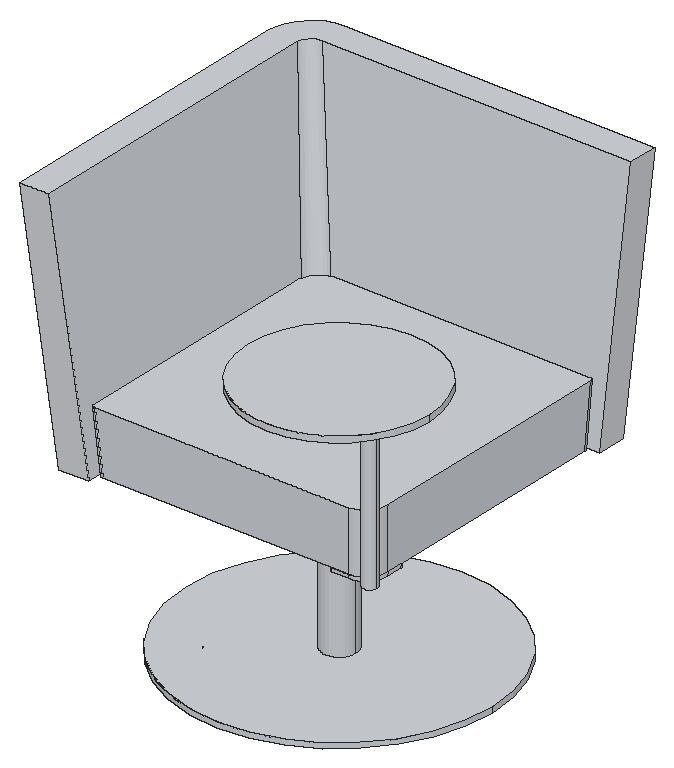
Revit family "Keilhauer_Pact_Lounge Seating_77000", category Furniture, Revit 2017
Family settings
  OmniClass Number = 23.40.70.14.64.11
  OmniClass Title = Office Furniture
  Work Plane-Based = No
  Always vertical = Yes
  Cut with Voids When Loaded = No
  Shared = No
  Room Calculation Point = No
Parameters (values of type "Flat Base")
  Type = 1
  Tablet Top [instance] = none
  Tablet Arm [instance] = none
  Seat [instance] = none
  Mobile Base = not(Flat Base)  # no
  Glides [instance] = none
  Glide = Type = 3  # no
  Flat Base = Type = 1  # yes
  Column [instance] = none
  Caster = Type = 2  # no
  Base [instance] = none
  Casters [instance] = none
  URL = "http://www.keilhauer.com/"
  Product Documentation Link = "http://www.keilhauer.com/"
  Model = "77000"
  Manufacturer = "Keilhauer, Corp."  # constant formula
  Description = "Chair with a flat base and tablet"
  Copyright © = "© 2021 Keilhauer, Corp."  # constant formula
  Catalog = "Pact"  # constant formula
  Back [instance] = none
  Authoring Version = "Autodesk Revit 2015"  # constant formula
  Assembly Code = "E2020200"
Types (3): name | Type | Mobile Base | Glide | Flat Base | Caster | Model | Description
  4-star Base with Glides | 3 | yes | yes | no | no | "77002" | "Chair with a 4-star base with glides and tablet"
  4-star Base with Casters | 2 | yes | no | no | yes | "77001" | "Chair with a 4-star base with casters and tablet"
  Flat Base | 1 | no | no | yes | no | "77000" | "Chair with a flat base and tablet"
Reference planes (in)
  plane 1 "Center (Front/Back)": y = 0
  plane 2: z = 0
  plane 3 "Center (Left/Right)": x = 0
  plane 4 "cas": z = 1.28025
Forms (in)
  Extrusion 1, solid, material <- "Glides", visible <- "Flat Base"
    sketch origin (0, 0, 0) x (1, 0, 0) y (0, 1, 0)
      loop
        arc (-6.30747, 4.41669) -> (0, 7.69556) -> (6.30747, 4.41669) r 7.70618
        line (6.30747, 4.41669) -> (8.19152, 5.73591)
        arc (8.19152, 5.73591) -> (0, 9.99489) -> (-8.19152, 5.73591) r 10.00709
        line (-8.19152, 5.73591) -> (-6.30747, 4.41669)
      loop
        arc (-9.06308, 4.22634) -> (-8.6637, -5.00183) -> (-0.87156, -9.96179) r 9.99465
        line (-0.87156, -9.96179) -> (-0.6711, -7.67054)
        arc (-0.6711, -7.67054) -> (-6.6693, -3.85036) -> (-6.97857, 3.25432) r 7.6986
        line (-6.97857, 3.25432) -> (-9.06308, 4.22634)
      loop
        arc (6.97857, 3.25431) -> (6.67871, -3.85581) -> (0.6711, -7.67055) r 7.68406
        line (0.6711, -7.67055) -> (0.87155, -9.9618)
        arc (0.87155, -9.9618) -> (8.65202, -4.9951) -> (9.06307, 4.22633) r 10.01282
        line (9.06307, 4.22633) -> (6.97857, 3.25431)
    from 0 to 0.25
  Extrusion 2, solid, material <- "Base", visible <- "Flat Base"
    sketch origin (-10.25149, -60, 0.25) x (-1, 0, 0) y (0, -1, 0)
      loop
        circle (-10.25346, -60) r 11
    from 0 to 0.37495
  Extrusion 3, solid, material <- "Column", visible <- "Flat Base"
    sketch origin (-10.25149, -60, 0.25) x (-1, 0, 0) y (0, -1, 0)
      loop
        circle (-10.25149, -60) r 1.19027
    from 0.37495 to 13.05108
  Extrusion 4, solid, material <- "Column"
    sketch origin (-10.25149, -60, 0.25) x (-1, 0, 0) y (0, -1, 0)
      loop
        line (-6.50149, -63.25) -> (-6.50149, -56.75)
        arc (-6.50149, -56.75) -> (-6.64794, -56.39645) -> (-7.00149, -56.25) r 0.5
        line (-7.00149, -56.25) -> (-13.50149, -56.25)
        arc (-13.50149, -56.25) -> (-13.85504, -56.39645) -> (-14.00149, -56.75) r 0.5
        line (-14.00149, -56.75) -> (-14.00149, -63.25)
        arc (-14.00149, -63.25) -> (-13.85504, -63.60355) -> (-13.50149, -63.75) r 0.5
        line (-13.50149, -63.75) -> (-7.00149, -63.75)
        arc (-7.00149, -63.75) -> (-6.64794, -63.60355) -> (-6.50149, -63.25) r 0.5
    from 13.05108 to 13.30069
  Extrusion 5, solid, material <- "Tablet Arm"
    sketch origin (0, 0, 0) x (1, 0, 0) y (0, 1, 0)
      loop
        line (8.15462, -8.40462) -> (8.15462, -10.90462)
        arc (8.15462, -10.90462) -> (8.22784, -11.0814) -> (8.40462, -11.15462) r 0.25
        line (8.40462, -11.15462) -> (9.58462, -11.15462)
        arc (9.58462, -11.15462) -> (10.69478, -10.69478) -> (11.15462, -9.58462) r 1.57
        line (11.15462, -9.58462) -> (11.15462, -8.40462)
        arc (11.15462, -8.40462) -> (11.0814, -8.22784) -> (10.90462, -8.15462) r 0.25
        line (10.90462, -8.15462) -> (8.40462, -8.15462)
        arc (8.40462, -8.15462) -> (8.22784, -8.22784) -> (8.15462, -8.40462) r 0.25
    from 13.30108 to 13.55069
  Extrusion 6, solid, material <- "Tablet Arm"
    sketch origin (0, 0, 0) x (1, 0, 0) y (0, 1, 0)
      loop
        circle (11.04833, -11.04833) r 0.5
    from 13.30108 to 27.38108
  Extrusion 7, solid, material <- "Tablet Top"
    sketch origin (0, 0, 0) x (1, 0, 0) y (0, 1, 0)
      loop
        circle (11.04934, -13.85035) r 6.50143
    from 27.80992 to 27.37236
  Blend 8, solid, material <- "Seat"
    base sketch origin (0, 0, 13.55129) x (-1, 0, 0) y (0, -1, 0)
      loop
        arc (8.37481, 10.87909) -> (8.30159, 11.05586) -> (8.12481, 11.12909) r 0.25
        line (8.12481, 11.12909) -> (-9.60266, 11.12909)
        arc (-9.60266, 11.12909) -> (-10.68208, 10.68198) -> (-11.12919, 9.60255) r 1.52653
        line (-11.12919, 9.60255) -> (-11.12919, -8.12491)
        arc (-11.12919, -8.12491) -> (-11.05597, -8.30169) -> (-10.87919, -8.37491) r 0.25
        line (-10.87919, -8.37491) -> (7.28041, -8.37491)
        arc (7.28041, -8.37491) -> (8.05427, -8.05437) -> (8.37481, -7.28052) r 1.0944
        line (8.37481, -7.28052) -> (8.37481, 10.87909)
    top sketch origin (0, 0, 13.55129) x (-1, 0, 0) y (0, -1, 0)
      loop
        line (8.67779, 11.15458) -> (-9.60874, 11.15458)
        arc (-9.60874, 11.15458) -> (-10.70189, 10.70179) -> (-11.15469, 9.60864) r 1.54595
        line (-11.15469, 9.60864) -> (-11.15469, -8.63701)
        arc (-11.15469, -8.63701) -> (-11.07141, -8.83807) -> (-10.87036, -8.92135) r 0.28433
        line (-10.87036, -8.92135) -> (7.17779, -8.92135)
        arc (7.17779, -8.92135) -> (8.41522, -8.40878) -> (8.92779, -7.17135) r 1.75
        line (8.92779, -7.17135) -> (8.92779, 10.90458)
        arc (8.92779, 10.90458) -> (8.85456, 11.08136) -> (8.67779, 11.15458) r 0.25
    from 0 to 4.31701
  Blend 9, solid, material <- "Back"
    base sketch origin (0, 0, 13.55129) x (-1, 0, 0) y (0, -1, 0)
      loop
        line (-11.9375, -10.58412) -> (7.26077, -10.58412)
        arc (7.26077, -10.58412) -> (9.60871, -9.61157) -> (10.58126, -7.26363) r 3.32049
        line (10.58126, -7.26363) -> (10.58126, 11.94531) -> (8.48126, 11.94531) -> (8.48126, -7.23412)
        arc (8.48126, -7.23412) -> (8.11514, -8.118) -> (7.23126, -8.48412) r 1.25
        line (7.23126, -8.48412) -> (-11.9375, -8.48412) -> (-11.9375, -10.58412)
    top sketch origin (0, 0, 13.55129) x (-1, 0, 0) y (0, -1, 0)
      loop
        line (-11.9375, -13.39412) -> (10.39126, -13.39412)
        arc (10.39126, -13.39412) -> (12.51258, -12.51544) -> (13.39126, -10.39412) r 3
        line (13.39126, -10.39412) -> (13.39126, 11.94531) -> (11.29126, 11.94531) -> (11.29126, -10.29412)
        arc (11.29126, -10.29412) -> (10.99837, -11.00123) -> (10.29126, -11.29412) r 1
        line (10.29126, -11.29412) -> (-11.9375, -11.29412) -> (-11.9375, -13.39412)
    from -0.0006 to 17.511
  Sweep 10, solid, material <- "Base", visible <- "Mobile Base"
    path origin (0, 0, 0) x (0.707107, -0.707107, 0) y (0, 0, 1)
      loop
        line (-14.1412, 3.522) -> (-0.16988, 11.58835)
    profile origin (-5.05973, 5.05973, 7.55517) x (-0.353553, 0.353553, 0.866025) y (-0.707107, -0.707107, 0)
      loop
        circle (0, 0) r 0.59
  Extrusion 11, solid, material <- "Base", visible <- "Mobile Base"
    sketch origin (-10.25149, -60, 0.25) x (-1, 0, 0) y (0, -1, 0)
      loop
        circle (-10.25149, -60) r 1.19027
    from 8.65112 to 13.05108
  Revolve 12, solid, material <- "Base", visible <- "Mobile Base"
    sketch origin (0, 0, 0) x (0.707107, -0.707107, 0) y (0, 0, 1)
      loop
        line (-14.15535, 2.79523) -> (-13.55577, 2.79523) -> (-13.55577, 4.71823) -> (-14.15535, 4.71823) -> (-14.15535, 2.79523)
      axis (-14.15535, 2.79523) -> (-14.15535, 4.71823)
    angle from 0 to 360
  Revolve 13, solid, material <- "Casters", visible <- "Glide"
    sketch origin (0, 0, 0) x (0.707107, -0.707107, 0) y (0, 0, 1)
      loop
        line (-14.15535, 2.73564) -> (-14.15535, 0) -> (-13.25152, 0)
        arc (-13.25152, 0) -> (-13.1842, 0.02788) -> (-13.15632, 0.09519) r 0.09519
        line (-13.15632, 0.09519) -> (-13.15632, 0.29105)
        arc (-13.15632, 0.29105) -> (-13.17938, 0.38093) -> (-13.24285, 0.44863) r 0.18675
        line (-13.24285, 0.44863) -> (-13.46703, 0.59122)
        arc (-13.46703, 0.59122) -> (-13.53213, 0.66065) -> (-13.55577, 0.75284) r 0.19155
        line (-13.55577, 0.75284) -> (-13.55577, 2.73564) -> (-14.15535, 2.73564)
      axis (-14.15535, 0) -> (-14.15535, 2.73564)
    angle from 0 to 360
  Extrusion 14, solid, material <- "Base", visible <- "Mobile Base"
    sketch origin (-2.65551, 2.65551, 0) x (-0.707107, -0.707107, 0) y (0, 0, 1)
      loop
        arc (-0.22668, 9.29019) -> (0, 9.06725) -> (0.22668, 9.29019) r 0.22671
        line (0.22668, 9.29019) -> (0.2458, 10.44015)
        arc (0.2458, 10.44015) -> (0, 10.69007) -> (-0.2458, 10.44015) r 0.24584
        line (-0.2458, 10.44015) -> (-0.22668, 9.29019)
    from 0.06979 to -3.70407
  Extrusion 15, void
    sketch origin (0, 0, 0) x (0.707107, -0.707107, 0) y (0, 0, 1)
      loop
        line (-3.88447, 10.75424) -> (-3.88447, 9.61032) -> (-1.90313, 10.75424) -> (-3.88447, 10.75424)
    from -0.43986 to 0.34035
  Revolve 16, solid, material <- "Casters", visible <- "Caster"
    sketch origin (0, 0, 1.28025) x (0, 1, 0) y (-1, 0, 0)
      loop
        line (10.93459, 10.36457) -> (10.93459, 9.65556) -> (12.21421, 9.65556) -> (12.21421, 10.36457) -> (10.93459, 10.36457)
      loop
        line (12.21421, 10.42778) -> (12.21421, 10.81462)
        arc (12.21421, 10.81462) -> (12.15696, 10.95284) -> (12.01874, 11.01009) r 0.19547
        line (12.01874, 11.01009) -> (10.93459, 11.01009) -> (10.93459, 10.42778) -> (12.21421, 10.42778)
      loop
        line (12.21421, 9.59235) -> (10.93459, 9.59235) -> (10.93459, 9.01005) -> (12.01874, 9.01005)
        arc (12.01874, 9.01005) -> (12.15696, 9.0673) -> (12.21421, 9.20552) r 0.19547
        line (12.21421, 9.20552) -> (12.21421, 9.59235)
      axis (10.93459, 9.01005) -> (10.93459, 11.01009)
    angle from 0 to 360
  Revolve 17, solid, material <- "Casters", visible <- "Caster"
    sketch origin (0, 0, 1.28025) x (0, 1, 0) y (1, 0, 0)
      loop
        line (10.93459, 10.36457) -> (10.93459, 9.65556) -> (12.21421, 9.65556) -> (12.21421, 10.36457) -> (10.93459, 10.36457)
      loop
        line (12.21421, 10.42778) -> (12.21421, 10.81462)
        arc (12.21421, 10.81462) -> (12.15696, 10.95284) -> (12.01874, 11.01009) r 0.19547
        line (12.01874, 11.01009) -> (10.93459, 11.01009) -> (10.93459, 10.42778) -> (12.21421, 10.42778)
      loop
        line (12.21421, 9.59235) -> (10.93459, 9.59235) -> (10.93459, 9.01005) -> (12.01874, 9.01005)
        arc (12.01874, 9.01005) -> (12.15696, 9.0673) -> (12.21421, 9.20552) r 0.19547
        line (12.21421, 9.20552) -> (12.21421, 9.59235)
      axis (10.93459, 9.01005) -> (10.93459, 11.01009)
    angle from 0 to 360
  Revolve 18, solid, material <- "Casters", visible <- "Caster"
    sketch origin (0, -20.02, 1.28025) x (0, 1, 0) y (-1, 0, 0)
      loop
        line (10.93459, 10.36457) -> (10.93459, 9.65556) -> (12.21421, 9.65556) -> (12.21421, 10.36457) -> (10.93459, 10.36457)
      loop
        line (12.21421, 10.42778) -> (12.21421, 10.81462)
        arc (12.21421, 10.81462) -> (12.15696, 10.95284) -> (12.01874, 11.01009) r 0.19547
        line (12.01874, 11.01009) -> (10.93459, 11.01009) -> (10.93459, 10.42778) -> (12.21421, 10.42778)
      loop
        line (12.21421, 9.59235) -> (10.93459, 9.59235) -> (10.93459, 9.01005) -> (12.01874, 9.01005)
        arc (12.01874, 9.01005) -> (12.15696, 9.0673) -> (12.21421, 9.20552) r 0.19547
        line (12.21421, 9.20552) -> (12.21421, 9.59235)
      axis (10.93459, 9.01005) -> (10.93459, 11.01009)
    angle from 0 to 360
  Revolve 19, solid, material <- "Casters", visible <- "Caster"
    sketch origin (0, -20.02, 1.28025) x (0, 1, 0) y (1, 0, 0)
      loop
        line (10.93459, 10.36457) -> (10.93459, 9.65556) -> (12.21421, 9.65556) -> (12.21421, 10.36457) -> (10.93459, 10.36457)
      loop
        line (12.21421, 10.42778) -> (12.21421, 10.81462)
        arc (12.21421, 10.81462) -> (12.15696, 10.95284) -> (12.01874, 11.01009) r 0.19547
        line (12.01874, 11.01009) -> (10.93459, 11.01009) -> (10.93459, 10.42778) -> (12.21421, 10.42778)
      loop
        line (12.21421, 9.59235) -> (10.93459, 9.59235) -> (10.93459, 9.01005) -> (12.01874, 9.01005)
        arc (12.01874, 9.01005) -> (12.15696, 9.0673) -> (12.21421, 9.20552) r 0.19547
        line (12.21421, 9.20552) -> (12.21421, 9.59235)
      axis (10.93459, 9.01005) -> (10.93459, 11.01009)
    angle from 0 to 360
  Sweep 20, solid, material <- "Base", visible <- "Mobile Base"
    path origin (0, 0, 0) x (-0.707107, -0.707107, 0) y (0, 0, -1)
      loop
        line (-14.1412, -3.522) -> (-0.16988, -11.58835)
    profile origin (5.05973, 5.05973, 7.55517) x (-0.353553, -0.353553, -0.866025) y (0.707107, -0.707107, 0)
      loop
        circle (0, 0) r 0.59
  Revolve 21, solid, material <- "Base", visible <- "Mobile Base"
    sketch origin (0, 0, 0) x (-0.707107, -0.707107, 0) y (0, 0, -1)
      loop
        line (-14.15535, -2.79523) -> (-14.15535, -4.71823) -> (-13.55577, -4.71823) -> (-13.55577, -2.79523) -> (-14.15535, -2.79523)
      axis (-14.15535, -2.79523) -> (-14.15535, -4.71823)
    angle from 0 to 360
  Revolve 22, solid, material <- "Casters", visible <- "Glide"
    sketch origin (0, 0, 0) x (-0.707107, -0.707107, 0) y (0, 0, -1)
      loop
        line (-14.15535, -2.73564) -> (-13.55577, -2.73564) -> (-13.55577, -0.75284)
        arc (-13.55577, -0.75284) -> (-13.53213, -0.66065) -> (-13.46703, -0.59122) r 0.19155
        line (-13.46703, -0.59122) -> (-13.24285, -0.44863)
        arc (-13.24285, -0.44863) -> (-13.17938, -0.38093) -> (-13.15632, -0.29105) r 0.18675
        line (-13.15632, -0.29105) -> (-13.15632, -0.09519)
        arc (-13.15632, -0.09519) -> (-13.1842, -0.02788) -> (-13.25152, 0) r 0.09519
        line (-13.25152, 0) -> (-14.15535, 0) -> (-14.15535, -2.73564)
      axis (-14.15535, 0) -> (-14.15535, -2.73564)
    angle from 0 to 360
  Extrusion 23, solid, material <- "Base", visible <- "Mobile Base"
    sketch origin (2.65551, 2.65551, 0) x (0.707107, -0.707107, 0) y (0, 0, -1)
      loop
        line (-0.22668, -9.29019) -> (-0.2458, -10.44015)
        arc (-0.2458, -10.44015) -> (0, -10.69007) -> (0.2458, -10.44015) r 0.24584
        line (0.2458, -10.44015) -> (0.22668, -9.29019)
        arc (0.22668, -9.29019) -> (0, -9.06725) -> (-0.22668, -9.29019) r 0.22671
    from 0.06979 to -3.70407
  Extrusion 24, void
    sketch origin (0, 0, 0) x (-0.707107, -0.707107, 0) y (0, 0, -1)
      loop
        line (-3.88447, -10.75424) -> (-1.90313, -10.75424) -> (-3.88447, -9.61032) -> (-3.88447, -10.75424)
    from -0.43986 to 0.34035
  Sweep 25, solid, material <- "Base", visible <- "Mobile Base"
    path origin (0, 0, 0) x (-0.707107, 0.707107, 0) y (0, 0, 1)
      loop
        line (-14.1412, 3.522) -> (-0.16988, 11.58835)
    profile origin (5.05973, -5.05973, 7.55517) x (0.353553, -0.353553, 0.866025) y (0.707107, 0.707107, 0)
      loop
        circle (0, 0) r 0.59
  Revolve 26, solid, material <- "Base", visible <- "Mobile Base"
    sketch origin (0, 0, 0) x (-0.707107, 0.707107, 0) y (0, 0, 1)
      loop
        line (-14.15535, 2.79523) -> (-13.55577, 2.79523) -> (-13.55577, 4.71823) -> (-14.15535, 4.71823) -> (-14.15535, 2.79523)
      axis (-14.15535, 2.79523) -> (-14.15535, 4.71823)
    angle from 0 to 360
  Revolve 27, solid, material <- "Casters", visible <- "Glide"
    sketch origin (0, 0, 0) x (-0.707107, 0.707107, 0) y (0, 0, 1)
      loop
        line (-14.15535, 2.73564) -> (-14.15535, 0) -> (-13.25152, 0)
        arc (-13.25152, 0) -> (-13.1842, 0.02788) -> (-13.15632, 0.09519) r 0.09519
        line (-13.15632, 0.09519) -> (-13.15632, 0.29105)
        arc (-13.15632, 0.29105) -> (-13.17938, 0.38093) -> (-13.24285, 0.44863) r 0.18675
        line (-13.24285, 0.44863) -> (-13.46703, 0.59122)
        arc (-13.46703, 0.59122) -> (-13.53213, 0.66065) -> (-13.55577, 0.75284) r 0.19155
        line (-13.55577, 0.75284) -> (-13.55577, 2.73564) -> (-14.15535, 2.73564)
      axis (-14.15535, 0) -> (-14.15535, 2.73564)
    angle from 0 to 360
  Extrusion 28, solid, material <- "Base", visible <- "Mobile Base"
    sketch origin (2.65551, -2.65551, 0) x (0.707107, 0.707107, 0) y (0, 0, 1)
      loop
        arc (-0.22668, 9.29019) -> (0, 9.06725) -> (0.22668, 9.29019) r 0.22671
        line (0.22668, 9.29019) -> (0.2458, 10.44015)
        arc (0.2458, 10.44015) -> (0, 10.69007) -> (-0.2458, 10.44015) r 0.24584
        line (-0.2458, 10.44015) -> (-0.22668, 9.29019)
    from 0.06979 to -3.70407
  Extrusion 29, void
    sketch origin (0, 0, 0) x (-0.707107, 0.707107, 0) y (0, 0, 1)
      loop
        line (-3.88447, 10.75424) -> (-3.88447, 9.61032) -> (-1.90313, 10.75424) -> (-3.88447, 10.75424)
    from -0.43986 to 0.34035
  Sweep 30, solid, material <- "Base", visible <- "Mobile Base"
    path origin (0, 0, 0) x (0.707107, 0.707107, 0) y (0, 0, -1)
      loop
        line (-14.1412, -3.522) -> (-0.16988, -11.58835)
    profile origin (-5.05973, -5.05973, 7.55517) x (0.353553, 0.353553, -0.866025) y (-0.707107, 0.707107, 0)
      loop
        circle (0, 0) r 0.59
  Revolve 31, solid, material <- "Base", visible <- "Mobile Base"
    sketch origin (0, 0, 0) x (0.707107, 0.707107, 0) y (0, 0, -1)
      loop
        line (-14.15535, -2.79523) -> (-14.15535, -4.71823) -> (-13.55577, -4.71823) -> (-13.55577, -2.79523) -> (-14.15535, -2.79523)
      axis (-14.15535, -2.79523) -> (-14.15535, -4.71823)
    angle from 0 to 360
  Revolve 32, solid, material <- "Casters", visible <- "Glide"
    sketch origin (0, 0, 0) x (0.707107, 0.707107, 0) y (0, 0, -1)
      loop
        line (-14.15535, -2.73564) -> (-13.55577, -2.73564) -> (-13.55577, -0.75284)
        arc (-13.55577, -0.75284) -> (-13.53213, -0.66065) -> (-13.46703, -0.59122) r 0.19155
        line (-13.46703, -0.59122) -> (-13.24285, -0.44863)
        arc (-13.24285, -0.44863) -> (-13.17938, -0.38093) -> (-13.15632, -0.29105) r 0.18675
        line (-13.15632, -0.29105) -> (-13.15632, -0.09519)
        arc (-13.15632, -0.09519) -> (-13.1842, -0.02788) -> (-13.25152, 0) r 0.09519
        line (-13.25152, 0) -> (-14.15535, 0) -> (-14.15535, -2.73564)
      axis (-14.15535, 0) -> (-14.15535, -2.73564)
    angle from 0 to 360
  Extrusion 33, solid, material <- "Base", visible <- "Mobile Base"
    sketch origin (-2.65551, -2.65551, 0) x (-0.707107, 0.707107, 0) y (0, 0, -1)
      loop
        line (-0.22668, -9.29019) -> (-0.2458, -10.44015)
        arc (-0.2458, -10.44015) -> (0, -10.69007) -> (0.2458, -10.44015) r 0.24584
        line (0.2458, -10.44015) -> (0.22668, -9.29019)
        arc (0.22668, -9.29019) -> (0, -9.06725) -> (-0.22668, -9.29019) r 0.22671
    from 0.06979 to -3.70407
  Extrusion 34, void
    sketch origin (0, 0, 0) x (0.707107, 0.707107, 0) y (0, 0, -1)
      loop
        line (-3.88447, -10.75424) -> (-1.90313, -10.75424) -> (-3.88447, -9.61032) -> (-3.88447, -10.75424)
    from -0.43986 to 0.34035
Cuts and joins
  Extrusion 24 cuts Sweep 10
  Extrusion 24 cuts Revolve 12
  Extrusion 15, Extrusion 24 cuts Extrusion 14
  Extrusion 29 cuts Sweep 20
  Extrusion 24, Extrusion 29 cuts Extrusion 23
  Extrusion 34 cuts Sweep 25
  Extrusion 29, Extrusion 34 cuts Extrusion 28
  Extrusion 34 cuts Extrusion 33
  joined: Sweep 10, Extrusion 11, Revolve 12, Extrusion 14, Sweep 20, Revolve 21, Extrusion 23, Sweep 25, Revolve 26, Extrusion 28, Sweep 30, Revolve 31, Extrusion 33
Lines and regions (in)
  Masking region 1
    outline origin (0, 0, 0) x (1, 0, 0) y (0, 1, 0)
      loop
        arc (-10.39126, 13.39412) -> (-12.51258, 12.51544) -> (-13.39126, 10.39412) r 3
        line (-13.39126, 10.39412) -> (-13.39126, -10.95342)
        arc (-13.39126, -10.95342) -> (-13.36878, -11.37435) -> (-13.30161, -11.7905) r 3.95289
        arc (-13.30161, -11.7905) -> (-13.28198, -11.85631) -> (-13.25256, -11.91836) r 0.44944
        arc (-13.25256, -11.91836) -> (-13.23459, -11.93714) -> (-13.2099, -11.94531) r 0.05382
        line (-13.2099, -11.94531) -> (4.83328, -11.94531)
        arc (4.83328, -11.94531) -> (14.54779, -19.33026) -> (11.9375, -7.40987) r 6.50143
        line (11.9375, -7.40987) -> (11.9375, 13.23621)
        arc (11.9375, 13.23621) -> (11.85915, 13.27273) -> (11.77602, 13.29644) r 0.54635
        arc (11.77602, 13.29644) -> (11.28833, 13.36964) -> (10.79579, 13.39412) r 4.96744
        line (10.79579, 13.39412) -> (-10.39126, 13.39412)
  symbolic lines, style "Keilhauer 2D", detail levels medium+fine
    curve 1: line (-11.35221, 11.35158, 25.813) -> (-11.35221, -11.14842, 25.813)
    curve 2: arc (-11.35221, -11.14842, 25.813) -> (-11.34221, -11.43395, 25.813) -> (-11.31227, -11.71807, 25.813) r 4.08232
    curve 3: arc (-11.31227, -11.71807, 25.813) -> (-11.2911, -11.81778, 25.813) -> (-11.2564, -11.91362, 25.813) r 0.7376
    curve 4: arc (-11.2564, -11.91362, 25.813) -> (-11.24086, -11.93406, 25.813) -> (-11.21778, -11.94531, 25.813) r 0.05547
    curve 5: line (-11.35221, 11.35158, 25.813) -> (11.16979, 11.35158, 25.813)
    curve 6: arc (11.16979, 11.35158, 25.813) -> (11.47085, 11.33912, 25.813) -> (11.76985, 11.30185, 25.813) r 3.64542
    curve 7: arc (11.76985, 11.30185, 25.813) -> (11.86014, 11.27225, 25.813) -> (11.9375, 11.21709, 25.813) r 0.31504
    curve 8: line (11.16978, 10.9475, 25.813) -> (11.16978, 9.23941, 25.813)
    curve 9: line (11.15469, 8.63827, 25.813) -> (11.15469, -7.34957, 25.813)
    curve 10: line (10.56669, 8.18741, 25.813) -> (10.56669, -7.34926, 25.813)
    curve 11: line (-8.67807, -11.15458, 25.813) -> (5.13289, -11.15458, 25.813)
    curve 12: line (-8.18731, -10.56659, 25.813) -> (5.43772, -10.56659, 25.813)
    curve 13: line (-8.43731, -10.31659, 25.813) -> (-8.43731, 8.18741, 25.813)
    curve 14: line (-8.18731, 8.43741, 25.813) -> (10.31669, 8.43741, 25.813)
    curve 15: arc (4.83328, -11.94531, 25.813) -> (7.55052, -8.36987, 25.813) -> (11.9375, -7.40987, 25.813) r 6.49926
    curve 16: arc (-7.87835, 8.93434, 25.813) -> (1.49307, 8.72373, 25.813) -> (10.86477, 8.92105, 25.813) r 215.40274
    curve 17: arc (-8.93525, 7.87757, 25.813) -> (-8.70718, -1.5075, 25.813) -> (-8.92779, -10.89274, 25.813) r 196.42727
    curve 18: line (-8.91582, 8.90899, 25.813) -> (-11.35221, 11.35158, 25.813)
    curve 19: arc (-8.18731, 8.43741, 25.813) -> (-8.36409, 8.36419, 25.813) -> (-8.43731, 8.18741, 25.813) r 0.25
    curve 20: arc (10.56669, 8.18741, 25.813) -> (10.49347, 8.36419, 25.813) -> (10.31669, 8.43741, 25.813) r 0.25
    curve 21: arc (-8.18731, -10.56659, 25.813) -> (-8.36409, -10.49336, 25.813) -> (-8.43731, -10.31659, 25.813) r 0.25
    curve 22: arc (-8.67807, -11.15458, 25.813) -> (-8.85898, -11.07712, 25.813) -> (-8.92779, -10.89274, 25.813) r 0.25
    curve 23: arc (-8.91582, 8.90899, 25.813) -> (-8.94282, 8.39361, 25.813) -> (-8.93525, 7.87757, 25.813) r 7.70057
    curve 24: arc (-8.91582, 8.90899, 25.813) -> (-8.39752, 8.93948, 25.813) -> (-7.87835, 8.93434, 25.813) r 7.56357
    curve 25: arc (11.15469, 8.63827, 25.813) -> (11.07135, 8.83887, 25.813) -> (10.87039, 8.92135, 25.813) r 0.28307
    curve 26: arc (10.86477, 8.92105, 25.813) -> (11.08122, 9.01897, 25.813) -> (11.16978, 9.23941, 25.813) r 0.31865
    curve 27: arc (11.16978, 10.9475, 25.813) -> (11.05143, 11.23323, 25.813) -> (10.76571, 11.35158, 25.813) r 0.40407
Dimensions and locks (in)
  aligned and locked: nested 1 to plane 3 "Center (Left/Right)"
  aligned and locked: plane 1 "Center (Front/Back)" to nested 1
  aligned and locked: Extrusion 1 to plane 2
Nested families (in)
  nested 1: "Furniture_Tag" at (0, 0, 0), type "Center", detail levels fine
    with Offset (LR) 0.000"
Definition of nested family "Furniture_Tag"
  Parameters
    P_Width = 0.000"
    Text_Width = "Empty"
    Text_Height = "Empty"
    Text_Diameter = "Empty"
    Text_Depth = "Empty"
    Offset (LR) [instance] = 0.000"
    Model Name = "Type Catalog"
    P_Height = 0.000"
    Distance of Center (not Change) = 0.000"
    P_Diameter = 0.000"
    P_Depth = 0.000"
  Reference planes (in)
    plane 1: y = 0
    plane 2: x = 0
  Lines and regions (in)
    reference lines
      curve 1: line (-0.44359, 0, 0) -> (0.41085, 0, 0)
      curve 3: line (0, 0.32564, 0) -> (0, -0.40221, 0)
    reference lines, not visible
      curve 2: line (-0.44359, 0.09843, 0) -> (0.41085, 0.09843, 0)
      curve 4: line (0, 0.42407, 0) -> (0, -0.30379, 0)
  Text (in)
    label "Empty" at (0.00197, -0.0079, 0), shows "Model Name"
    label "Empty" at (0.00197, 0.09052, 0), shows "Model Name", not visible
  Dimensions and locks (in)
    "Distance of Center (not Change)": plane 1 to curve 1
    "Offset (LR)": curve 3 to plane 2
  Automatic sketch dimensions
    curve 1 to curve 3 = 0.44359"
    curve 3 to curve 1 = 0.41085"
    curve 3 to curve 1 = 0.40221"
    curve 1 to curve 3 = 0.32564"
    curve 2 to curve 4 = 0.44359"
    curve 4 to curve 2 = 0.41085"
    curve 4 to curve 2 = 0.40221"
    curve 2 to curve 4 = 0.32564"
